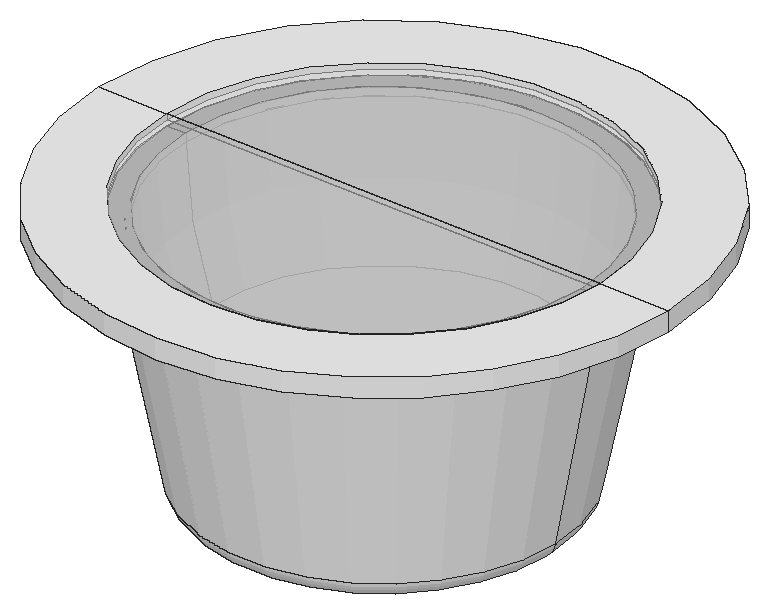
Revit family "2060578+2039013 Sylvania Lighting Fixture ASCENT 100 II ARCH 3700 4K DALI EMG 160 with IP54 PC Cover", category Lighting Fixtures, host Face, Revit 2016
Family settings
  Host = Face
  Part Type = Normal
  Round Connector Dimension = Use Diameter
  OmniClass Number = 23.80.70.11.17
  OmniClass Title = Specialized Lighting by Location or Use
  Cut with Voids When Loaded = No
  Light Source = Yes
  Shared = No
  Room Calculation Point = No
Parameters (values of type "2060578+2039013 ASCT100 II ARCH 3700 4K DALI EMG 160 with IP54 PC Cover")
  WidthBezelAcc_SYL = 25.0 mm
  Weight = "1.92 kg"
  Wattage = 32 W
  WarrantyStartDate [instance] = "n/a"
  WarrantyGuarantorParts = "n/a"
  WarrantyDurationUnit = "n/a"
  WarrantyDurationParts = "n/a"
  WarrantyDescription = "n/a"
  built-in parameter 1150110 = 1 (stored number, unit not read)
  Voltage = 0 V
  VisibilityAccessory_SYL = yes
  TypeName = "ASCENT 100 II ARCH 3700 4K DALI EMG 160 with IP54 PC Cover"
  built-in parameter 1114217 = 1 (stored number, unit not read)
  Tilt Angle = -90°
  built-in parameter 1150109 = 1 (stored number, unit not read)
  built-in parameter 1150134 = 12
  built-in parameter 1150113 = 1 (stored number, unit not read)
  SerialNumber [instance] = "n/a"
  ReflectorRadius_SYL = Radius_SYL - 14.5 mm  # 80.0 mm
  RadiusAcc_SYL = 105.0 mm
  Radius_SYL = 94.5 mm
  URL = "http://www.sylvania-lighting.com"
  PowerFactor = 0
  PowerConsumption = "32 W"
  Photometric Web File = "2060578.ies"
  NominalWidth = 0.0 mm
  NominalLength = 0.0 mm
  NominalHeight = 94.0 mm
  Name = "ASCENT 100 II ARCH 3700 4K DALI EMG 160 with IP54 PC Cover"
  ModelReference = "ASCENT 100 II ARCH 3700 4K DALI EMG 160 with IP54 PC Cover"
  ModelNumber = "2060578+2039013"
  Material_4_SYL = none
  Material_3_SYL = Polycarbonate_Sylvania_Ascent_Clear
  Material_2_SYL = Aluminium_Sylvania_Ascent_Silver
  Material_1_SYL = Aluminum_Sylvania_Ascent_White
  Material = "aluminium housing, arcylic diffuser"
  ManufacturerName = "Feilo Sylvania"
  LuminousEfficacy = "118 lm/W"
  built-in parameter 1150105 = 300.48 (stored number, unit not read)
  Lumens = 3776 lm
  LuminaireType = ""
  built-in parameter 1150115 = 1 (stored number, unit not read)
  LightOutputRatio = "100"
  built-in parameter 1150137 = (empty or 0)
  built-in parameter 1150139 = (empty or 0)
  LampsType = Lamp  # "LED"
  LampNominalLuminous = "3766 lm"
  LampMacAdamStep = "3"
  LampColourTemperature = "4000 K"
  LampColourRenderingIndex = "80"
  built-in parameter 1150112 = 1 (stored number, unit not read)
  built-in parameter 1150114 = 1 (stored number, unit not read)
  Keynote = "16500"
  InstallationDate [instance] = "n/a"
  InputVoltage = "n/a"
  InputNominalFrequency = "n/a"
  built-in parameter 1150132 = (empty or 0)
  built-in parameter 1150102 = (empty or 0)
  built-in parameter 1150107 = 4000 (stored number, unit not read)
  built-in parameter 1150138 = (empty or 0)
  IngressProtection = "IP54"
  ImpactProtectionIndex = "IK02"
  built-in parameter 1150106 = 3.0048 (stored number, unit not read)
  IfcExportType = "IfcLightFixtureType"
  IfcExportAs = "IfcLightFixtureType"
  Height_SYL = 94.0 mm
  HeightAcc_SYL = 7.0 mm
  ExpectedLife = 50000
  EmittionSurface_SYL = if(VisibilityAccessory_SYL, 7.0 mm, 3.0 mm)  # 7.0 mm
  Emit from Circle Diameter = DiffuserRadius_SYL * 2  # 146.0 mm
  Emit Shape Visible in Rendering = no
  ElectricShockClassification = "Class II"
  built-in parameter 1150104 = 10.963 (stored number, unit not read)
  DurationUnit = "hours"
  DocumentationLiterature = "http://www.sylvania-lighting.com/product/en-int/products/2060578"
  DimmingControlOptions = "n/a"
  Dimming Lamp Color Temperature Shift = <None>
  DiffuserRadius_SYL = ReflectorRadius_SYL - 7.0 mm  # 73.0 mm
  Diameter_SYL = 2 * Radius_SYL  # 189.0 mm
  CutoutDiameter_SYL = Diameter_SYL - 13.0 mm  # 176.0 mm
  CreatedOn = "9/17/2018"
  CreatedBy = "@sylvania-lighting.com"
  Color Filter = 16777215
  built-in parameter 1114216 [instance] = 1 (stored number, unit not read)
  Model = "ASCENT 100 II ARCH 3700 4K DALI EMG 160 with IP54 PC Cover"
  Manufacturer = "Feilo Sylvania"
  Lamp = "LED"
  Description = "Direct LED retro fit for original LED 100 Arch (160) single CFL lamp offering Matching lumen levels and improved light distribution of original LED 100 CFL lamp equivalents Typically half the power consumption compared to CFL Up to 112lm/W 160mm aperture Architectural reflector accepts range of glass accessories from existing LED 100 Arch 160 offering HE, HO and VHO versions equivalent of single 1 x 18W, 1 x 32W, 1 x 42W\r\n Additional VVHO versions which offer the performance circa 2 x 32W equivalent"  # constant formula
  Default Elevation = 0.0 mm
  built-in parameter 1140040 [instance] = 1
  BarCode [instance] = "n/a"
  built-in parameter 1114218 = 1 (stored number, unit not read)
  built-in parameter 1150133 = 10 (stored number, unit not read)
  AssetType = "Fixed"
  AssetIdentifier [instance] = "n/a"
  Assembly Code = "D5020200"
  Apparent Load = 32 VA
  Aperture_SYL = 2 * ReflectorRadius_SYL  # 160.0 mm
Types (2, lengths in mm): name | Wattage | TypeName | Photometric Web File | Name | ModelReference | built-in parameter 1150105 | Lumens | built-in parameter 1150106 | Model | Apparent Load
  2060578+2039013 ASCT100 II ARCH 3700 4K DALI EMG 160 with IP54 PC Cover | 32 W | "ASCENT 100 II ARCH 3700 4K DALI EMG 160 with IP54 PC Cover" | "2060578.ies" | "ASCENT 100 II ARCH 3700 4K DALI EMG 160 with IP54 PC Cover" | "ASCENT 100 II ARCH 3700 4K DALI EMG 160 with IP54 PC Cover" | 300.48 (stored number, unit not read) | 3776 lm | 3.0048 (stored number, unit not read) | "ASCENT 100 II ARCH 3700 4K DALI EMG 160 with IP54 PC Cover" | 32 VA
  2060578+2039013 ASCT100 II ARCH 3700 4K DALI EMG 160 with IP54 PC Cover Emergency mode | 1.61017 W | "ASCT100 II ARCH 3700 4K DALI EMG 160 with IP54 PC Cover Emergency mode" | "2060578EM.ies" | "ASCT100 II ARCH 3700 4K DALI EMG 160 with IP54 PC Cover Emergency mode" | "ASCT100 II ARCH 3700 4K DALI EMG 160 with IP54 PC Cover Emergency mode" | 15.12 (stored number, unit not read) | 190 lm | 0.1512 (stored number, unit not read) | "ASCT100 II ARCH 3700 4K DALI EMG 160 with IP54 PC Cover Emergency mode" | 1.61017 VA
Reference planes
  plane 1 "Center (Front/Back)": y = 0
  plane 2: z = 0
  plane 3 "Center (Left/Right)": x = 0
  plane 4 "Fixture Bottom": z = 3
  plane 5: z = -52.5
  plane 6 "Fixture Top": z = -91
  plane 7: x = -105
  plane 8: z = 7
  plane 9: x = -80
  plane 10: z = 5
  plane 11: x = -103
Forms (mm)
  Extrusion 1, solid, material "Aluminum_Sylvania_Ascent_White", detail levels fine
    sketch origin (0, 0, 0) x (1, 0, 0) y (0, 1, 0)
      loop
        circle (0, 0) r 94.5
      loop
        circle (0, 0) r 80
    from 0 to 3
  Extrusion 2, void
    sketch origin (0, 0, 0) x (1, 0, 0) y (0, 1, 0)
      loop
        circle (0, 0) r 88
    from -91 to 3
  Revolve 3, solid, material "Aluminum_Sylvania_Ascent_White" <- "Material_1_SYL", detail levels fine
    sketch origin (0, 0, 0) x (1, 0, 0) y (0, 0, 1)
      loop
        line (0, -91.073) -> (0, -89.023) -> (-55.468, -89.014)
        arc (-55.468, -89.014) -> (-59.352, -87.613) -> (-61.54, -84.139) r 6.307
        line (-61.54, -84.139) -> (-77.991, -2.844) -> (-77.991, 0) -> (-80, 0) -> (-80, -3) -> (-63.5, -84.536)
        arc (-63.5, -84.536) -> (-60.643, -89.203) -> (-55.5, -91.073) r 8.291
        line (-55.5, -91.073) -> (0, -91.073)
      axis (0, 0) -> (0, -91.073)
    angle from 0 to 360
  Revolve 4, solid, material "Aluminium_Sylvania_Ascent_Silver" <- "Material_2_SYL", detail levels fine
    sketch origin (0, 0, 0) x (1, 0, 0) y (0, 0, 1)
      loop
        line (-80, 3) -> (-80, 0) -> (-75, 0)
        arc (-75, 0) -> (-72.349, -26.77) -> (-64.5, -52.5) r 136.5
        line (-64.5, -52.5) -> (-58, -52.5)
        arc (-58, -52.5) -> (-56.857, -61.521) -> (-53.5, -69.971) r 36.166
        line (-53.5, -69.971) -> (0, -69.971) -> (0, -50.5) -> (-63.16, -50.5)
        arc (-63.16, -50.5) -> (-70.517, -25.725) -> (-73, 0) r 134.5
        line (-73, 0) -> (-73, 3) -> (-80, 3)
      axis (0, 3) -> (0, -69.971)
    angle from 0 to 360
  Extrusion 5, solid, material "Polycarbonate_Sylvania_Ascent_Clear" <- "Material_3_SYL", detail levels fine
    sketch origin (0, 0, 0) x (1, 0, 0) y (0, 1, 0)
      loop
        circle (0, 0) r 73
    from 0 to 3
  Revolve 6, solid, material "Aluminum_Sylvania_Ascent_White" <- "Material_1_SYL", detail levels coarse+medium
    sketch origin (0, 0, 0) x (1, 0, 0) y (0, 0, 1)
      loop
        line (0, -91.073) -> (0, 3) -> (-94.5, 3) -> (-94.5, 0) -> (-79.5, 0) -> (-79.5, -3) -> (-63, -84.536)
        arc (-63, -84.536) -> (-60.143, -89.203) -> (-55, -91.073) r 8.291
        line (-55, -91.073) -> (0, -91.073)
      axis (0, 3) -> (0, -91.073)
    angle from 0 to 360
  Revolve 7, solid, material "Aluminum_Sylvania_Ascent_White" <- "Material_1_SYL", visible <- "VisibilityAccessory_SYL"
    sketch origin (0, 0, 0) x (1, 0, 0) y (0, 0, 1)
      loop
        line (-105, 0) -> (-103, 0) -> (-103, 5) -> (-80, 5) -> (-80, 7) -> (-105, 7) -> (-105, 0)
      axis (0, 7) -> (0, 0)
    angle from 0 to 360
  Revolve 8, solid, material "Polycarbonate_Sylvania_Ascent_Clear" <- "Material_3_SYL", visible <- "VisibilityAccessory_SYL"
    sketch origin (0, 0, 0) x (1, 0, 0) y (0, 0, 1)
      loop
        line (-80, 7) -> (-80, 5) -> (0, 5) -> (0, 7) -> (-80, 7)
      axis (0, 7) -> (0, 5)
    angle from 0 to 360
Lines and regions (mm)
  reference lines
    curve 1: line (-150, 0, 7) -> (125, 0, 7)
Dimensions and locks
  locked: plane 4 "Fixture Bottom" to plane 2 at 3
  "Height_SYL": plane 4 "Fixture Bottom" to plane 6 "Fixture Top"
  "ReflectorRadius_SYL": plane 3 "Center (Left/Right)" to Revolve 4 sketch curve
  locked: Revolve 4 sketch curve to Revolve 4 sketch curve at 15.5
  locked: Revolve 4 sketch curve to Revolve 4 sketch curve at 5
  locked: Revolve 4 sketch curve to Revolve 4 sketch curve at 7
  locked: Revolve 4 sketch curve to Revolve 4 sketch curve at 22
  locked: Revolve 4 sketch curve to Revolve 4 sketch curve at 26.5
  locked: Revolve 3 sketch curve to Revolve 3 sketch curve at 16.5
  locked: Revolve 3 sketch curve to Revolve 3 sketch curve at 24.5
  "ReflectorRadius_SYL": Revolve 3 sketch curve to plane 3 "Center (Left/Right)"
  locked: Revolve 3 sketch curve to plane 6 "Fixture Top" at 6.464
  locked: plane 2 to Revolve 3 sketch curve at 3
  locked: Revolve 3 sketch curve to Revolve 3 sketch curve at 2
  locked: Revolve 3 sketch curve to Revolve 3 sketch curve at 2.009
  locked: plane 2 to plane 5 at 52.5
  locked: Revolve 6 sketch curve to Revolve 6 sketch curve at 31.5
  locked: Revolve 6 sketch curve to Revolve 6 sketch curve at 39.5
  locked: Revolve 6 sketch curve to Revolve 6 sketch curve at 15
  "Radius_SYL": plane 3 "Center (Left/Right)" to Revolve 6 sketch curve
  "RadiusAcc_SYL": plane 3 "Center (Left/Right)" to plane 7
  "HeightAcc_SYL": plane 8 to level
  "WidthBezelAcc_SYL": plane 7 to plane 9
  locked: plane 7 to plane 11 at 2
  locked: plane 8 to plane 10 at 2
  "EmittionSurface_SYL": curve 1 to level
  "CutoutDiameter_SYL": diameter of Extrusion 2 sketch curve
  "ReflectorRadius_SYL": radius of Extrusion 1 sketch curve
  "DiffuserRadius_SYL": radius of Extrusion 5 sketch curve
  "Radius_SYL": radius of Extrusion 1 sketch curve
  aligned and locked: host face to plane 2
  aligned and locked: host face to level
  aligned and locked: plane 4 "Fixture Bottom" to Extrusion 1
  aligned and locked: Extrusion 1 to plane 2
  aligned and locked: Revolve 3 sketch curve to plane 3 "Center (Left/Right)"
  aligned and locked: Revolve 4 sketch curve to plane 3 "Center (Left/Right)"  (x2)
  aligned and locked: plane 4 "Fixture Bottom" to Revolve 4 sketch curve
  aligned and locked: Extrusion 5 to plane 2
  aligned and locked: plane 2 to Revolve 3 sketch curve  (x2)
  aligned and locked: Revolve 6 sketch curve to plane 3 "Center (Left/Right)"
  aligned and locked: plane 6 "Fixture Top" to Extrusion 2
  aligned and locked: Revolve 7 sketch curve to plane 3 "Center (Left/Right)"
  aligned and locked: host face to Revolve 7 sketch curve  (x2)
  aligned and locked: Revolve 7 sketch curve to plane 7
  aligned and locked: plane 8 to Revolve 7 sketch curve
  aligned and locked: plane 9 to Revolve 7 sketch curve
  aligned and locked: Revolve 7 sketch curve to plane 10
  aligned and locked: plane 11 to Revolve 7 sketch curve
  aligned and locked: Revolve 7 to Revolve 8 sketch curve
  aligned and locked: Revolve 8 sketch curve to Revolve 7  (x2)
  aligned and locked: Revolve 8 sketch curve to plane 3 "Center (Left/Right)"  (x2)
  aligned and locked: plane 3 "Center (Left/Right)" to imposter light
  aligned and locked: imposter light to plane 1 "Center (Front/Back)"
  aligned and locked: imposter light to curve 1
Automatic sketch dimensions
  plane 1 "Center (Front/Back)" to Extrusion 2 sketch curve = 0.0 mm
  Extrusion 2 sketch curve to plane 3 "Center (Left/Right)" = 0.0 mm
  Extrusion 1 sketch curve to Extrusion 1 sketch curve = 0.0 mm  (x2)
  plane 1 "Center (Front/Back)" to Extrusion 1 sketch curve = 0.0 mm
  Extrusion 1 sketch curve to plane 3 "Center (Left/Right)" = 0.0 mm
  plane 6 "Fixture Top" to Revolve 3 sketch curve = 0.073 mm
  Revolve 3 sketch curve to plane 6 "Fixture Top" = 6.861 mm
  Revolve 3 sketch curve to Revolve 3 sketch curve = 0.003 mm
  Revolve 3 sketch curve to Revolve 3 sketch curve = 0.009 mm  (x2)
  Revolve 3 sketch curve to Revolve 3 sketch curve = 0.023 mm
  Revolve 3 sketch curve to Revolve 3 sketch curve = 0.072 mm
  Revolve 3 sketch curve to Revolve 3 sketch curve = 0.008 mm
  Revolve 3 sketch curve to plane 6 "Fixture Top" = 1.977 mm
  Revolve 3 sketch curve to Revolve 3 sketch curve = 33.496 mm
  Revolve 3 sketch curve to Revolve 3 sketch curve = 0.028 mm
  plane 4 "Fixture Bottom" to Revolve 3 sketch curve = 82.431 mm
  Revolve 4 sketch curve to Revolve 4 sketch curve = 0.0 mm  (x2)
  Revolve 4 sketch curve to plane 5 = 0.0 mm
  Revolve 4 sketch curve to level = 0.0 mm
  plane 5 to Revolve 4 sketch curve = 2.0 mm
  plane 4 "Fixture Bottom" to Revolve 4 sketch curve = 9.642 mm
  plane 1 "Center (Front/Back)" to Extrusion 5 sketch curve = 0.0 mm
  Extrusion 5 sketch curve to plane 3 "Center (Left/Right)" = 0.0 mm
  Revolve 4 sketch curve to level = 69.971 mm
  Revolve 4 sketch curve to Revolve 4 sketch curve = 2.387 mm
  Revolve 6 sketch curve to level = 0.0 mm
  Revolve 6 sketch curve to plane 3 "Center (Left/Right)" = 0.0 mm
  Revolve 6 sketch curve to Revolve 6 sketch curve = 8.104 mm
  Revolve 6 sketch curve to level = 3.0 mm
  Revolve 6 sketch curve to plane 6 "Fixture Top" = 6.464 mm
  plane 6 "Fixture Top" to Revolve 6 sketch curve = 0.073 mm
  Revolve 6 sketch curve to Revolve 6 sketch curve = 33.496 mm
  plane 4 "Fixture Bottom" to Revolve 6 sketch curve = 82.431 mm
  host sketch curve to host sketch curve = 1704.996 mm
  host sketch curve to host sketch curve = 1500.0 mm
  plane 6 "Fixture Top" to Revolve 7 sketch curve = 281.274 mm
  Revolve 7 sketch curve to plane 8 = 1140.706 mm
  plane 6 "Fixture Top" to Revolve 8 sketch curve = 281.274 mm
  Revolve 8 sketch curve to Revolve 8 sketch curve = 1140.706 mm
  Revolve 3 sketch curve to plane 3 "Center (Left/Right)" = 0.0 mm
  Revolve 6 sketch curve to plane 4 "Fixture Bottom" = 0.0 mm
  plane 7 to curve 1 = 45.0 mm
  plane 3 "Center (Left/Right)" to curve 1 = 125.0 mm
Connectors
  electrical at (0, 0, -91.073), driven by "Apparent Load"
    settings: on Revolve 3, index 1, voltage 240 V, apparent load 0 VA, apparent load phase1 32 VA, apparent load phase2 0 VA, apparent load phase3 0 VA, power factor 1, load classification "Lighting", number of poles 1, system type 31, power factor state 1, is connector primary yes, connector utility no, sub classification motor no, connector description ""
